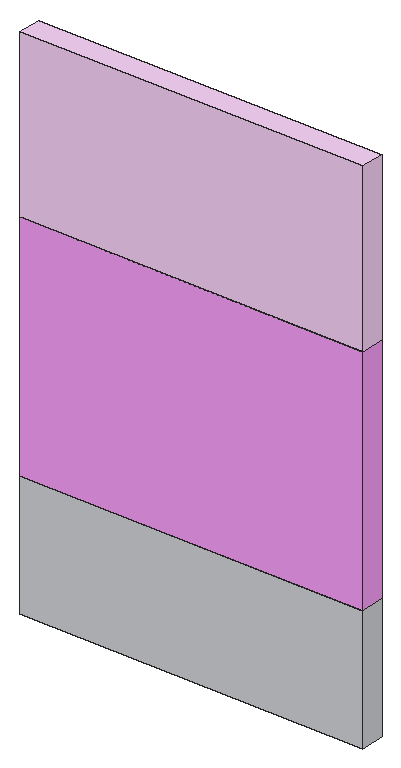
Revit family "EXP_WT-1C_CPan-018", category Curtain Panels, Revit 2021
Family settings
  OmniClass Number = 23.25.20.14.11.11.17
  OmniClass Title = Infill Panels
  Always vertical = Yes
  Cut with Voids When Loaded = No
  Shared = No
Parameters
  UI-UnitNumber [instance] = "01"
  UI-Quadrant [instance] = "SE"
  UI-ProjectAbbreviation = "NEU"
  UI-ItemCategory = "PID"
  UI-FloorNumber [instance] = "03"
  PNT-WallType = "WT1A"
  PNT-ProjectAbbreviation = "NEU"
  PNT-PanelType [instance] = "01"
  PNT-ItemCategory = "PNL"
  GlassH3 [instance] = none
  GlassH2 [instance] = IG-3F(Glass)
  GlassH1 [instance] = IG-1F(Glass)
  Define Thermal Properties by = Schematic Type
  CellSp = 0' - 10 3/16"
  CellL [instance] = 12' - 6"
  CellH3 [instance] = CellH - (CellH1 + CellH2)  # 4' - 6"
  CellH2 = 8' - 5 1/2"
  CellH1 = 6' - 0 1/2"
  CellH [instance] = 19' - 0"
  Analytic Construction = "<None>"
Reference planes (in)
  plane 1 "Center (Front/Back)": y = 0
  plane 2: z = 0
  plane 3 "Center (Left/Right)": x = 0
  plane 4 "Left": x = -75
  plane 5 "Right": x = 75
  plane 6 "Top": z = 228
  plane 7: z = 155.5
  plane 8: y = -10.1875
  plane 9: z = 54
Forms (in)
  Extrusion 1, solid, material "IG-3F(Glass)" <- "GlassH2"
    sketch origin (0, 0, 0) x (0, 1, 0) y (0, 0, 1)
      loop
        line (-10.1875, 155.5) -> (-10.1875, 54) -> (0, 54) -> (0, 155.5) -> (-10.1875, 155.5)
    from -75 to 75
  Extrusion 2, solid, material "IG-1F(Glass)" <- "GlassH1"
    sketch origin (0, 0, 0) x (0, 1, 0) y (0, 0, 1)
      loop
        line (-10.1875, 228) -> (-10.1875, 155.5) -> (0, 155.5) -> (0, 228) -> (-10.1875, 228)
    from -75 to 75
  Extrusion 3, solid, material <- "GlassH3"
    sketch origin (0, 0, 0) x (1, 0, 0) y (0, 1, 0)
      loop
        line (-75, -10.1875) -> (75, -10.1875) -> (75, 0) -> (-75, 0) -> (-75, -10.1875)
    from 0 to 54
Text (in)
  text "Exterior" at (-92.59733, 55.75508, 0), in view "Ref. Level"
  text "Exterior" at (0, 90.18664, 173.49264), in view "Left"
  text "Exterior" at (0, 52.29083, 162.21847), in view "Right"
Dimensions and locks (in)
  equal spacing: plane 4 "Left", plane 3 "Center (Left/Right)", plane 5 "Right"  (x2)
  "CellH1": plane 7 to plane 6 "Top"
  Extrusion 2 sketch curve to Extrusion 2 sketch curve = 0' - 10 3/16"
  "CellL": plane 4 "Left" to plane 5 "Right"
  "CellH": plane 2 to plane 6 "Top"
  "CellSp": plane 8 to plane 1 "Center (Front/Back)"
  "CellH2": plane 9 to plane 7
  aligned and locked: level to plane 2
  aligned and locked: Extrusion 1 sketch curve to plane 7
  aligned and locked: plane 8 to Extrusion 1 sketch curve
  aligned and locked: plane 1 "Center (Front/Back)" to Extrusion 1 sketch curve
  aligned and locked: plane 6 "Top" to Extrusion 2 sketch curve
  aligned and locked: plane 8 to Extrusion 2 sketch curve
  aligned and locked: Extrusion 2 to plane 5 "Right"
  aligned and locked: plane 4 "Left" to Extrusion 2
  aligned and locked: Extrusion 2 to plane 1 "Center (Front/Back)"
  aligned and locked: nested 1 to plane 5 "Right"
  aligned and locked: nested 2 to Extrusion 2  (x2)
  aligned and locked: nested 2 to level
  aligned and locked: Extrusion 1 to plane 9
  aligned and locked: plane 4 "Left" to Extrusion 3 sketch curve
  aligned and locked: Extrusion 3 sketch curve to plane 1 "Center (Front/Back)"
  aligned and locked: Extrusion 3 sketch curve to plane 8
  aligned and locked: Extrusion 3 sketch curve to plane 5 "Right"
  aligned and locked: plane 9 to Extrusion 3
  aligned and locked: Extrusion 3 to level
  aligned and locked: Extrusion 1 to plane 5 "Right"
  aligned and locked: plane 4 "Left" to Extrusion 1
  aligned and locked: Extrusion 2 to plane 7
  aligned and locked: nested 1 to plane 4 "Left"
  aligned and locked: plane 1 "Center (Front/Back)" to nested 3
  aligned and locked: plane 5 "Right" to nested 3
  aligned and locked: plane 4 "Left" to nested 3
  aligned and locked: level to Extrusion 3
  aligned and locked: Extrusion 2 to plane 6 "Top"
Automatic sketch dimensions
  Extrusion 2 sketch curve to plane 7 = 0' - 0"
  level to Extrusion 1 sketch curve = 4' - 6"
Nested families (in)
  nested 1: "EXP_WT-1A_DetO-001" at (-75, 0, 0), type "EXP_WT-1A_DetO-001"
    with built-in parameter 1001306 12.5 (stored number, unit not read)
  nested 2: "EXP_WT-1A_DetO-003" at (0, 0, 228) x (0, 0, -1) z (1, 0, 0), CellH1 <- "CellH1", CellH2 <- "CellH2", type "EXP_WT-1A_DetO-003"
    with built-in parameter 1001306 19 (stored number, unit not read), CellH2 8' - 5 1/2", CellH1 6' - 0 1/2"
  nested 3: "EXP_xx_DetO-002" at (0, 0, 0), CellH <- "CellH", CellL <- "CellL", type "EXP_xx_DetO-002", detail levels coarse
    with CellL 12' - 6", CellH 19' - 0"
Definition of nested family "EXP_WT-1A_DetO-001"
  Parameters (values of type "EXP_WT-1A_DetO-001")
    built-in parameter 1001306 [instance] = 5' - 2.99213"
  Reference planes (in)
    plane 1 "Center (Front/Back)": y = 0
    plane 2: z = 0
    plane 3 "Left": x = 0
    plane 4 "Right": x = 62.99213
  Lines and regions (in)
    reference lines, in view "Ref. Level"
      curve 1: line (0, 0, 0) -> (62.99213, 0, 0)
    detail lines, in view "Ref. Level"
      curve 2: line (0.25, 0, 0) -> (0.5458, 0, 0)
      curve 3: line (0.25, 0, 0) -> (0.5458, 0, 0)
      curve 4: line (62.99213, -0.81795, 0) -> (62.99213, -10.1875, 0)
      curve 5: line (62.99213, -10.1875, 0) -> (60.99213, -10.1875, 0)
      curve 6: line (60.99213, -10.1875, 0) -> (60.99213, -2.43678, 0)
      curve 7: line (60.99213, -2.43678, 0) -> (62.44632, -2.43678, 0)
      curve 8: line (62.44632, -2.43678, 0) -> (62.44632, 0, 0)
      curve 9: line (62.44632, 0, 0) -> (62.74213, 0, 0)
      curve 10: line (62.74213, 0, 0) -> (62.74213, -0.81795, 0)
      curve 11: line (62.99213, -0.81795, 0) -> (62.74213, -0.81795, 0)
      curve 12: line (0.25, 0, 0) -> (0.25, -0.81795, 0)
      curve 13: line (0.25, 0, 0) -> (0.5458, 0, 0)
      curve 14: line (0, -0.81795, 0) -> (0.25, -0.81795, 0)
      curve 15: line (0, -0.81795, 0) -> (0, -10.1875, 0)
      curve 16: line (2, -10.1875, 0) -> (0, -10.1875, 0)
      curve 17: line (2, -2.43676, 0) -> (2, -10.1875, 0)
      curve 18: line (0.5458, -2.43676, 0) -> (2, -2.43676, 0)
      curve 19: line (0.5458, -2.43676, 0) -> (0.5458, 0, 0)
      curve 20: line (0.94241, 0, 0) -> (62.04971, 0, 0)
      curve 21: line (0.94241, -1.31, 0) -> (0.94241, 0, 0)
      curve 22: line (0.94241, -1.31, 0) -> (62.04971, -1.31, 0)
      curve 23: line (62.04971, -1.31, 0) -> (62.04971, 0, 0)
  Dimensions and locks (in)
    "built-in parameter 1001306": plane 3 "Left" to plane 4 "Right"
    aligned and locked: plane 1 "Center (Front/Back)" to curve 1
    aligned and locked: plane 3 "Left" to curve 1
    aligned and locked: plane 4 "Right" to curve 1
    aligned and locked: curve 4 to plane 4 "Right"
    aligned and locked: curve 1 to curve 13
    aligned and locked: curve 15 to plane 3 "Left"
    aligned and locked: curve 1 to curve 20
    aligned and locked: curve 5 to curve 16
  Automatic sketch dimensions
    plane 1 "Center (Front/Back)" to curve 9 = 0' - 0"
    curve 2 to curve 2 = 0' - 0.2958"
    curve 7 to plane 4 "Right" = 0' - 2"
    curve 9 to plane 4 "Right" = 0' - 0.5458"
    curve 10 to curve 4 = 0' - 0 1/4"
    plane 1 "Center (Front/Back)" to curve 4 = 0' - 0.81795"
    curve 7 to curve 10 = 0' - 1.61883"
    curve 5 to curve 7 = 0' - 7.75072"
    plane 1 "Center (Front/Back)" to curve 15 = 0' - 0.81795"
    plane 3 "Left" to curve 16 = 0' - 2"
    curve 17 to curve 12 = 0' - 1.61881"
    plane 3 "Left" to curve 20 = 0' - 0.94241"
    curve 23 to curve 10 = 0' - 0.69242"
    curve 23 to curve 10 = 0' - 0.49205"
    plane 3 "Left" to curve 14 = 0' - 0 1/4"
Definition of nested family "EXP_WT-1A_DetO-003"
  Parameters (values of type "EXP_WT-1A_DetO-003")
    built-in parameter 1001306 [instance] = 12' - 11"
    CellH2 [instance] = 9' - 8"
    CellH1 [instance] = 3' - 3"
    CellH [instance] = 12' - 11"
  Reference planes (in)
    plane 1 "Center (Front/Back)": y = 0
    plane 2: z = 0
    plane 3 "Left": x = 0
    plane 4 "Right": x = 155
    plane 5: x = 39
  Lines and regions (in)
    reference lines, in view "Ref. Level"
      curve 1: line (0, 0, 0) -> (155, 0, 0)
    detail lines, in view "Ref. Level"
      curve 2: line (37.25001, -10.1875, 0) -> (37.25001, -2.41263, 0)
      curve 3: line (37.25001, -2.41263, 0) -> (40.74999, -2.41263, 0)
      curve 4: line (40.74999, -2.41263, 0) -> (40.74999, -10.1875, 0)
      curve 5: line (40.74999, -10.1875, 0) -> (37.25001, -10.1875, 0)
      curve 6: line (39.27639, -2.185, 0) -> (39.27639, 0, 0)
      curve 7: line (39.27639, 0, 0) -> (153.80789, 0, 0)
      curve 8: line (153.80789, -2.185, 0) -> (39.27639, -2.185, 0)
      curve 9: line (38.52639, -1.31, 0) -> (38.52639, 0, 0)
      curve 10: line (38.52639, 0, 0) -> (1.19241, 0, 0)
      curve 11: line (38.52639, -1.31, 0) -> (1.19241, -1.31, 0)
      curve 12: line (0, -10.1875, 0) -> (2.125, -10.1875, 0)
      curve 13: line (0, -0.81812, 0) -> (0, -10.1875, 0)
      curve 14: line (0.5, 0, 0) -> (0.5, -0.81812, 0)
      curve 15: line (0.5, 0, 0) -> (0.7958, 0, 0)
      curve 16: line (0, -0.81812, 0) -> (0.5, -0.81812, 0)
      curve 17: line (0.7958, -2.43676, 0) -> (0.7958, 0, 0)
      curve 18: line (2.125, -2.43676, 0) -> (0.7958, -2.43676, 0)
      curve 19: line (2.125, -10.1875, 0) -> (2.125, -2.43676, 0)
      curve 20: line (1.19241, -1.31, 0) -> (1.19241, 0, 0)
      curve 21: line (155, 60, 0) -> (155, -10.1875, 0)
      curve 22: line (155, -10.1875, 0) -> (151.625, -10.1875, 0)
      curve 23: line (151.625, -10.1875, 0) -> (151.625, -2.43679, 0)
      curve 24: line (151.625, -2.43679, 0) -> (154.2042, -2.43679, 0)
      curve 25: line (154.2042, -2.43679, 0) -> (154.2042, 0, 0)
      curve 26: line (154.5, 0, 0) -> (154.5, -0.81812, 0)
      curve 27: line (154.2042, 0, 0) -> (154.5, 0, 0)
      curve 28: line (155, -0.81812, 0) -> (154.5, -0.81812, 0)
      curve 29: line (155, -0.81812, 0) -> (155, -10.1875, 0)
      curve 30: line (153.80789, -2.185, 0) -> (153.80789, 0, 0)
  Dimensions and locks (in)
    "built-in parameter 1001306": plane 3 "Left" to plane 4 "Right"
    "CellH": plane 3 "Left" to plane 4 "Right"
    "CellH2": plane 5 to plane 4 "Right"
    "CellH1": plane 3 "Left" to plane 5
    aligned and locked: plane 1 "Center (Front/Back)" to curve 1
    aligned and locked: plane 3 "Left" to curve 1
    aligned and locked: plane 4 "Right" to curve 1
    aligned and locked: curve 1 to curve 7
    aligned and locked: curve 10 to plane 1 "Center (Front/Back)"
    aligned and locked: curve 13 to plane 3 "Left"
    aligned and locked: curve 1 to curve 15
    aligned and locked: curve 21 to plane 4 "Right"
    aligned and locked: curve 29 to plane 4 "Right"
    aligned and locked: curve 5 to curve 12
    aligned and locked: curve 22 to curve 5
  Automatic sketch dimensions
    plane 5 to curve 3 = 0' - 1 3/4"
    plane 1 "Center (Front/Back)" to curve 3 = 0' - 2.41263"
    curve 5 to plane 5 = 0' - 1 3/4"
    plane 5 to curve 6 = 0' - 0.27639"
    curve 6 to curve 6 = 0' - 2.185"
    curve 9 to plane 5 = 0' - 0.47361"
    plane 1 "Center (Front/Back)" to curve 13 = 0' - 0.81812"
    plane 3 "Left" to curve 14 = 0' - 0 1/2"
    curve 14 to curve 17 = 0' - 0.2958"
    curve 17 to curve 18 = 0' - 1.3292"
    curve 18 to curve 14 = 0' - 1.61864"
    curve 14 to curve 20 = 0' - 0.69242"
    curve 20 to curve 14 = 0' - 0.49188"
    curve 21 to plane 1 "Center (Front/Back)" = 5' - 0"
    curve 24 to curve 24 = 0' - 2.5792"
    plane 1 "Center (Front/Back)" to curve 27 = 0' - 0"
    curve 25 to curve 26 = 0' - 0.2958"
    curve 28 to curve 28 = 0' - 0 1/2"
    curve 30 to curve 24 = 0' - 0.39631"
    curve 24 to curve 30 = 0' - 0.25179"
    plane 1 "Center (Front/Back)" to curve 26 = 0' - 0.81812"
    curve 22 to curve 24 = 0' - 7.75071"
Definition of nested family "EXP_xx_DetO-002"
  Parameters (values of type "EXP_xx_DetO-002")
    Default Elevation = 0' - 0"
    CellL [instance] = 5' - 4.56693"
    CellH [instance] = 5' - 2.99213"
  Reference planes (in)
    plane 1 "Center (Front/Back)": y = 0
    plane 2: z = 0
    plane 3 "Center (Left/Right)": x = 0
    plane 4: x = -32.28346
    plane 5: x = 32.28346
    plane 6: z = 62.99213
  Lines and regions (in)
    model lines
      curve 1: line (-32.28346, 0, 62.99213) -> (32.28346, 0, 0)
      curve 2: line (32.28346, 0, 62.99213) -> (-32.28346, 0, 0)
  Dimensions and locks (in)
    "CellH": plane 6 to level
    equal spacing: plane 4, plane 3 "Center (Left/Right)", plane 5
    "CellL": plane 4 to plane 5
    aligned and locked: level to plane 2
  Automatic sketch dimensions
    curve 2 to level = 0' - 0"
    plane 4 to curve 2 = 0' - 0"
    plane 4 to curve 1 = 0' - 0"
    plane 5 to curve 2 = 0' - 0"
    curve 1 to level = 0' - 0"
    plane 5 to curve 1 = 0' - 0"
    curve 2 to plane 6 = 0' - 0"
    curve 1 to plane 6 = 0' - 0"
